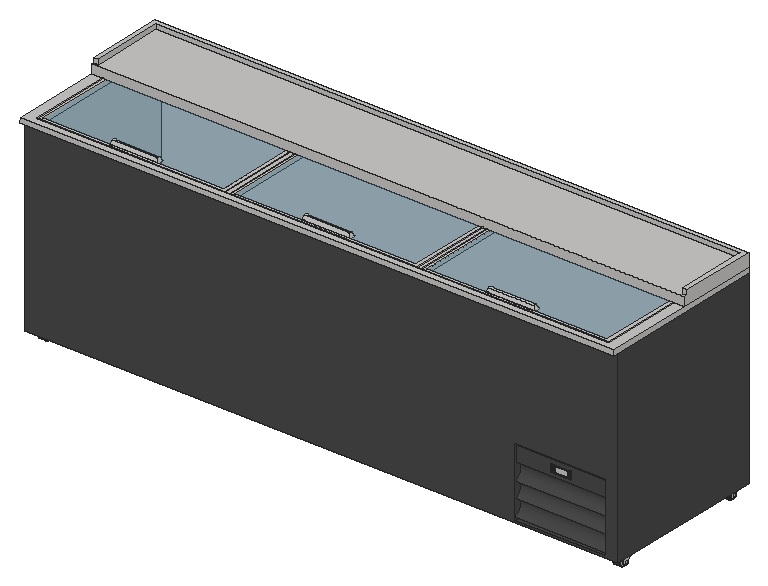
Revit family "QF_Kelvinator_738293_KCHBC95", category Specialty Equipment, Revit 2021
Family settings
  Round Connector Dimension = Use Diameter
  Part Type = Normal
  Work Plane-Based = No
  Always vertical = Yes
  Cut with Voids When Loaded = No
  Shared = No
  Room Calculation Point = No
Parameters
  Weight in Pounds = 317.466
  Weight = 148.00 lbm
  Watts = 0 W
  Volts = 115 V
  URL Manufacturer = "KELVINATOR"
  URL Cutsheet = ""
  URL = "KELVINATOR"
  Specification by User = ""
  Specification by Manufacturer = ""
  Serial Number = ""
  Seismic Rating = ""
  SMACNA No = ""
  Revision Code = ""
  Refrigerant Type = "R600a"
  Phase = 1
  Number of Poles = 1
  NAFEM Spec ID Number = ""
  Model = "KCHBC95"
  Min Ckt Ampacity = 0 A
  Max Overcurrent Protection = 0 A
  Masterspec = ""
  Manufacturer = "Kelvinator"
  Length Actual = 2421"
  Length = 95 1/4"
  Item Number = "738293"
  Installed By = ""
  Identify Quantity as Lot = yes
  Height Actual = 888"
  Height = 34 15/16"
  HP = "0.4 HP"
  Gas KW = 0
  Furnished By = ""
  Foodservice Equipment Identifier = yes
  FL Amps = 3 A
  Electrical Remarks = ""
  Electric Connection Type = ""
  Elec Conn RI Height = 0"
  Elec Conn Connection Height = 0"
  Description = "SLIDE TOP BOTTLE COOLER 95\" LONG"
  Depth Actual = 725"
  Depth = 27"
  Default Elevation = 0"
  Cycle = 60 Hz
  Conn Plug = "5-15P"
  Conn Conduit = yes
  CSI MasterFormat = ""
  Apparent Power = 0 VA
  Accessory = no
Reference planes (in)
  plane 1 "BACK": y = 0
  plane 2: z = 0
  plane 3 "LEFT": x = 0
  plane 4 "RIGHT": x = 95.25
  plane 5 "FRONT": y = -27
  plane 6 "TOP": z = 34.9375
  plane 7 "Center Y": x = 47.625
  plane 8 "Center X": y = -13.5
Dimensions and locks (in)
  equal spacing: plane 3 "LEFT", plane 7 "Center Y", plane 4 "RIGHT"
  "Length": plane 3 "LEFT" to plane 4 "RIGHT"
  equal spacing: plane 5 "FRONT", plane 8 "Center X", plane 1 "BACK"
  "Depth": plane 5 "FRONT" to plane 1 "BACK"
  "Height": plane 6 "TOP" to level
  aligned and locked: level to plane 2
Nested families (in)
  nested 1: "Family1" at (0, 0, 0), type "Family1"
Connectors (in)
  electrical at (63.09375, -1.3772776, 1.253312), driven by "Volts", driven by "Watts"
    settings: on nested 1, index 1, voltage 115 V, apparent load 0 VA, apparent load phase1 0 VA, apparent load phase2 0 VA, apparent load phase3 0 VA, power factor 1, load classification "Power", number of poles 1, system type 30, power factor state 1, is connector primary yes, connector utility no, sub classification motor no, connector description "Electrical Connection"
Definition of nested family "Family1"
  Parameters (values of type "Family1")
    Weight in Pounds = 0
    URL Cutsheet = ""
    Specification by User = ""
    Specification by Manufacturer = ""
    Serial Number = ""
    Seismic Rating = ""
    SMACNA No = ""
    Revision Code = ""
    NAFEM Spec ID Number = ""
    Masterspec = ""
    Length = 95 1/4"
    Item Number = ""
    Installed By = ""
    Identify Quantity as Lot = yes
    Height = 34 15/16"
    Furnished By = ""
    Foodservice Equipment Identifier = yes
    Depth = 28 9/16"
    Default Elevation = 0"
    CSI MasterFormat = ""
  Reference planes (in)
    plane 1 "BACK": y = 0
    plane 2: z = 0
    plane 3 "LEFT": x = 0
    plane 4 "RIGHT": x = 95.25
    plane 5 "FRONT": y = -28.5625
    plane 6 "TOP": z = 34.9375
    plane 7 "Center Y": x = 47.625
    plane 8 "Center X": y = -14.28125
    plane 9: y = -26.1
    plane 10: y = -27
    plane 11: y = -12.7
    plane 12: z = 1.7375
    plane 13: x = 78.6
    plane 14: z = 13.2
    plane 15: z = 32
    plane 16: x = 2.0125
    plane 17: x = 31.95
    plane 18: y = -14.6734706
    plane 19: x = 93.2
    plane 20: x = 32.325
    plane 21: x = 93.7125
    plane 22: x = 1.5
    plane 23: y = -24.25
    plane 24: x = 94.5
    plane 25: x = 2.5125
    plane 26: x = 1.7875
    plane 27: x = 1.7475
    plane 28: x = 31.8475
    plane 29: x = 47.593125
    plane 30: y = -4.3239467
  Forms (in)
    Extrusion 1, solid
      sketch origin (0, 0, 0) x (0, 1, 0) y (0, 0, 1)
        loop
          line (-26.1, 32) -> (-26.1, 1.7375) -> (0, 1.7375) -> (0, 32) -> (-26.1, 32)
      from 0 to 95.25
    Extrusion 2, solid
      sketch origin (0, 0, 0) x (0, 1, 0) y (0, 0, 1)
        loop
          line (-27, 32) -> (0, 32) -> (0, 32.75) -> (-27, 32.75) -> (-27, 32)
      from 0 to 95.25
    Extrusion 3, solid
      sketch origin (0, 0, 0) x (0, 1, 0) y (0, 0, 1)
        loop
          line (-12.7, 32.75) -> (0, 32.75) -> (0, 34.1875) -> (-12.7, 34.1875) -> (-12.7, 32.75)
      from 0 to 95.25
    Extrusion 4, solid
      sketch origin (0, 0.415591, 34.1875) x (0, -1, 0) y (1, 0, 0)
        loop
          line (0.415591, 95.25) -> (0.415591, 0) -> (12.7, 0) -> (12.7, 0.75) -> (1.1119311, 0.75) -> (1.1119311, 94.5) -> (12.7, 94.5) -> (12.7, 95.25) -> (0.415591, 95.25)
      from 0 to 0.75
    Extrusion 5, void
      sketch origin (0, 0.25, 32.75) x (1, 0, 0) y (0, -1, 0)
        loop
          line (1.7475, 1.21875) -> (93.4625, 1.21875) -> (93.4625, 26.0859706) -> (1.7475, 26.0859706) -> (1.7475, 1.21875)
      from 0 to 18.6825758
    Extrusion 6, solid
      sketch origin (0, -28.5625, 32) x (1, 0, 0) y (0, -1, 0)
        loop
          line (2.35625, -18.2618728) -> (31.3475, -18.2618728) -> (31.3475, -3.2265294) -> (2.35625, -3.2265294) -> (2.35625, -18.2618728)
      from 0 to -0.575419
    Extrusion 7, solid
      sketch origin (16.7973374, -180, 32.575419) x (0, 0, -1) y (0, -1, 0)
        loop
          arc (0, -154.8113235) -> (-0.0214194, -154.7729055) -> (-0.0653605, -154.7709284) r 0.045163
          line (-0.0653605, -154.7709284) -> (-0.6603132, -155.0684048)
          arc (-0.6603132, -155.0684048) -> (-0.7580396, -155.2265294) -> (-0.6603132, -155.3846541) r 0.1767888
          line (-0.6603132, -155.3846541) -> (-0.0678487, -155.6808864)
          arc (-0.0678487, -155.6808864) -> (-0.0222348, -155.678834) -> (0, -155.6389536) r 0.0468823
          line (0, -155.6389536) -> (0, -154.8113235)
      from -4 to 4
    Extrusion 8, void
      sketch origin (16.7973374, -180, 32.575419) x (0, 0, 1) y (0, -1, 0)
        loop
          line (0.5938363, -155.4178925) -> (0.5938363, -155.1678925) -> (0.174581, -154.9899292) -> (0.174581, -155.6275202) -> (0.5938363, -155.4178925)
      from -3.5 to 3.5
    Extrusion 9, void
      sketch origin (-3.5029171, -25.3359706, 32) x (1, 0, 0) y (0, 0, 1)
        loop
          line (16.3656404, 0.4552359) -> (16.6562015, 1.2535459)
          arc (16.6562015, 1.2535459) -> (16.6986352, 1.3177887) -> (16.7655372, 1.3558921) r 0.1655584
          line (16.7655372, 1.3558921) -> (16.7655372, 1.4651808) -> (16.2377544, 1.4651808) -> (16.2377544, 0.4552359) -> (16.3656404, 0.4552359)
        loop
          line (24.2348685, 0.4552359) -> (24.3627544, 0.4552359) -> (24.3627544, 1.4651808) -> (23.8349716, 1.4651808) -> (23.8349716, 1.3558921)
          arc (23.8349716, 1.3558921) -> (23.9018736, 1.3177887) -> (23.9443074, 1.2535459) r 0.1655584
          line (23.9443074, 1.2535459) -> (24.2348685, 0.4552359)
      from -0.0455259 to -1.0807178
    Extrusion 10, void
      sketch origin (93.2, -25.7734706, 48) x (0, -1, 0) y (0, 0, -1)
        loop
          line (0.8265294, 37.9264875) -> (0.8265294, 40.5945508) -> (0.3265294, 40.5945508) -> (0.3265294, 40.3445508)
          arc (0.3265294, 40.3445508) -> (-0.7104343, 39.355389) -> (-0.6010014, 37.9264875) r 1.6726377
          line (-0.6010014, 37.9264875) -> (0.8265294, 37.9264875)
      from 0 to -14.6
    Extrusion 11, void
      sketch origin (93.2, -25.7734706, 48) x (0, -1, 0) y (0, 0, -1)
        loop
          line (0.8265294, 40.4889875) -> (0.8265294, 43.1570508) -> (0.3265294, 43.1570508) -> (0.3265294, 42.9070508)
          arc (0.3265294, 42.9070508) -> (-0.7104343, 41.917889) -> (-0.6010014, 40.4889875) r 1.6726377
          line (-0.6010014, 40.4889875) -> (0.8265294, 40.4889875)
      from 0 to -14.6
    Extrusion 12, void
      sketch origin (93.2, -25.7734706, 48) x (0, -1, 0) y (0, 0, -1)
        loop
          line (0.8265294, 43.0514875) -> (0.8265294, 45.7195508) -> (0.3265294, 45.7195508) -> (0.3265294, 45.4695508)
          arc (0.3265294, 45.4695508) -> (-0.7104343, 44.480389) -> (-0.6010014, 43.0514875) r 1.6726377
          line (-0.6010014, 43.0514875) -> (0.8265294, 43.0514875)
      from 0 to -14.6
    Extrusion 13, void
      sketch origin (93.2, -25.7734706, 48) x (0, -1, 0) y (0, 0, -1)
        loop
          line (0.3265294, 37.7166703) -> (0.0765294, 37.7166703) -> (0.0765294, 35.25) -> (0.3265294, 35.25) -> (0.3265294, 37.7166703)
      from 0 to -14.6
    Extrusion 14, void
      sketch origin (93.2, -25.7734706, 48) x (0, -1, 0) y (0, 0, -1)
        loop
          line (0.3265294, 35.25) -> (-0.9234706, 35.25) -> (-0.9234706, 37.7166703) -> (0.3265294, 37.7166703) -> (0.3265294, 38.175) -> (-0.9234706, 38.175) -> (-0.9234706, 40.2820508) -> (0.3265294, 40.2820508) -> (0.3265294, 40.7375) -> (-0.9234706, 40.7375) -> (-0.9234706, 42.8445508) -> (0.3265294, 42.8445508) -> (0.3265294, 43.3) -> (-0.9234706, 43.3) -> (-0.9234706, 45.4695508) -> (0.3265294, 45.4695508) -> (0.3265294, 45.9629862) -> (-1.1734706, 45.9629862) -> (-1.1734706, 34.8) -> (0.3265294, 34.8) -> (0.3265294, 35.25)
      from 0 to -14.6
    Extrusion 15, solid
      sketch origin (16.2873717, -25.85, 2.4091319) x (-1, 0, 0) y (0, 0, 1)
        loop
          line (-68.0378252, 9.7077236) -> (-71.1874315, 9.7077236) -> (-71.1874315, 8.5266213) -> (-68.0378252, 8.5266213) -> (-68.0378252, 9.7077236)
        loop
          line (-68.1165653, 9.6310736) -> (-68.5102661, 9.6310736) -> (-68.5102661, 9.3119328) -> (-68.1165653, 9.3119328) -> (-68.1165653, 9.6310736)
        loop
          line (-68.1165653, 9.2767428) -> (-68.5102661, 9.2767428) -> (-68.5102661, 8.957602) -> (-68.1165653, 8.957602) -> (-68.1165653, 9.2767428)
        loop
          line (-68.1165653, 8.9224121) -> (-68.5102661, 8.9224121) -> (-68.5102661, 8.6032713) -> (-68.1165653, 8.6032713) -> (-68.1165653, 8.9224121)
        loop
          line (-71.1086913, 9.6310736) -> (-71.1086913, 9.3119328) -> (-70.7149906, 9.3119328) -> (-70.7149906, 9.6310736) -> (-71.1086913, 9.6310736)
        loop
          line (-71.1086913, 9.2767428) -> (-71.1086913, 8.957602) -> (-70.7149906, 8.957602) -> (-70.7149906, 9.2767428) -> (-71.1086913, 9.2767428)
        loop
          line (-71.1086913, 8.9224121) -> (-71.1086913, 8.6032713) -> (-70.7149906, 8.6032713) -> (-70.7149906, 8.9224121) -> (-71.1086913, 8.9224121)
        loop
          line (-68.5877506, 9.6310736) -> (-70.637506, 9.6310736) -> (-70.637506, 8.6071621) -> (-68.5877506, 8.6071621) -> (-68.5877506, 9.6310736)
      from 0.0787402 to -0.0460214
    Extrusion 16, solid
      sketch origin (16.2873717, -25.8960214, 2.4091319) x (1, 0, 0) y (0, 0, 1)
        loop
          line (70.7149906, 9.6310736) -> (70.7149906, 9.3119328) -> (71.1086913, 9.3119328) -> (71.1086913, 9.6310736) -> (70.7149906, 9.6310736)
        loop
          line (70.7149906, 9.2767428) -> (70.7149906, 8.957602) -> (71.1086913, 8.957602) -> (71.1086913, 9.2767428) -> (70.7149906, 9.2767428)
        loop
          line (70.7149906, 8.9224121) -> (70.7149906, 8.6032713) -> (71.1086913, 8.6032713) -> (71.1086913, 8.9224121) -> (70.7149906, 8.9224121)
        loop
          line (68.5102661, 9.6310736) -> (68.1165653, 9.6310736) -> (68.1165653, 9.3119328) -> (68.5102661, 9.3119328) -> (68.5102661, 9.6310736)
        loop
          line (68.5102661, 9.2767428) -> (68.1165653, 9.2767428) -> (68.1165653, 8.957602) -> (68.5102661, 8.957602) -> (68.5102661, 9.2767428)
        loop
          line (68.5102661, 8.9224121) -> (68.1165653, 8.9224121) -> (68.1165653, 8.6032713) -> (68.5102661, 8.6032713) -> (68.5102661, 8.9224121)
      from 0 to -0.0787402
    Extrusion 17, solid
      sketch origin (16.2873717, -25.8960214, 2.4091319) x (1, 0, 0) y (0, 0, 1)
        loop
          line (68.5877506, 9.6310736) -> (68.5877506, 8.6071621) -> (70.637506, 8.6071621) -> (70.637506, 9.6310736) -> (68.5877506, 9.6310736)
      from 0 to -0.0787402
    Extrusion 18, void
      sketch origin (16.2873717, -25.85, 2.4091319) x (-1, 0, 0) y (0, 0, 1)
        loop
          line (-68.0378252, 9.7077236) -> (-71.1874315, 9.7077236) -> (-71.1874315, 8.5266213) -> (-68.0378252, 8.5266213) -> (-68.0378252, 9.7077236)
      from 0 to 0.0787402
    Extrusion 19, solid
      sketch origin (-7.45625, 0, 1.7375) x (-1, 0, 0) y (0, 1, 0)
        loop
          circle (-70.55, -1.3772776) r 0.25
      from 0 to 0.484188
    Extrusion 20, solid
      sketch origin (14.9125, -28.5625, 32) x (1, 0, 0) y (0, -1, 0)
        loop
          line (-13.165, -18.2618728) -> (-12.55625, -18.2618728) -> (-12.55625, -3.2265294) -> (16.435, -3.2265294) -> (16.435, -18.2618728) -> (16.935, -18.2618728) -> (16.935, -2.7265294) -> (-13.165, -2.7265294) -> (-13.165, -18.2618728)
      from 0 to -0.75
    Extrusion 21, solid
      sketch origin (80.3475, -28.5625, 32) x (1, 0, 0) y (0, -1, 0)
        loop
          line (13.115, -18.2618728) -> (13.115, -2.7265294) -> (-16.985, -2.7265294) -> (-16.985, -18.2618728) -> (-16.485, -18.2618728) -> (-16.485, -3.2265294) -> (12.50625, -3.2265294) -> (12.50625, -18.2618728) -> (13.115, -18.2618728)
      from 0 to -0.75
    Extrusion 22, solid
      sketch origin (95.26, -28.5625, 32) x (1, 0, 0) y (0, -1, 0)
        loop
          line (-2.40625, -18.2618728) -> (-2.40625, -3.2265294) -> (-31.3975, -3.2265294) -> (-31.3975, -18.2618728) -> (-2.40625, -18.2618728)
      from 0 to -0.575419
    Extrusion 23, solid
      sketch origin (77.22875, -180, 32.575419) x (0, 0, -1) y (0, 1, 0)
        loop
          line (0, 154.8113235) -> (0, 155.6389536)
          arc (0, 155.6389536) -> (-0.0222348, 155.678834) -> (-0.0678487, 155.6808864) r 0.0468823
          line (-0.0678487, 155.6808864) -> (-0.6603132, 155.3846541)
          arc (-0.6603132, 155.3846541) -> (-0.7580396, 155.2265294) -> (-0.6603132, 155.0684048) r 0.1767888
          line (-0.6603132, 155.0684048) -> (-0.0653605, 154.7709284)
          arc (-0.0653605, 154.7709284) -> (-0.0214194, 154.7729055) -> (0, 154.8113235) r 0.045163
      from -4 to 4
    Extrusion 24, void
      sketch origin (75.9948374, -180, 32.575419) x (0, 0, 1) y (0, 1, 0)
        loop
          line (0.5938363, 155.4178925) -> (0.174581, 155.6275202) -> (0.174581, 154.9899292) -> (0.5938363, 155.1678925) -> (0.5938363, 155.4178925)
      from -4.7739126 to 2.2299937
    Extrusion 25, void
      sketch origin (97.5685293, -25.3359706, 32) x (-1, 0, 0) y (0, 0, -1)
        loop
          line (16.4156404, -0.4552359) -> (16.2877544, -0.4552359) -> (16.2877544, -1.4651808) -> (16.8155372, -1.4651808) -> (16.8155372, -1.3558921)
          arc (16.8155372, -1.3558921) -> (16.7486352, -1.3177887) -> (16.7062015, -1.2535459) r 0.1655584
          line (16.7062015, -1.2535459) -> (16.4156404, -0.4552359)
        loop
          line (24.2848685, -0.4552359) -> (23.9943074, -1.2535459)
          arc (23.9943074, -1.2535459) -> (23.9518736, -1.3177887) -> (23.8849716, -1.3558921) r 0.1655584
          line (23.8849716, -1.3558921) -> (23.8849716, -1.4651808) -> (24.4127544, -1.4651808) -> (24.4127544, -0.4552359) -> (24.2848685, -0.4552359)
      from -0.0455259 to -1.0807178
    Extrusion 26, solid
      sketch origin (49.589375, -28.5625, 32) x (1, 0, 0) y (0, -1, 0)
        loop
          line (13.165, -18.2618728) -> (13.165, -2.7265294) -> (-16.935, -2.7265294) -> (-16.935, -18.2618728) -> (-16.435, -18.2618728) -> (-16.435, -3.2265294) -> (12.55625, -3.2265294) -> (12.55625, -18.2618728) -> (13.165, -18.2618728)
      from 0 to -0.75
    Extrusion 27, solid
      sketch origin (64.501875, -28.5625, 32) x (1, 0, 0) y (0, -1, 0)
        loop
          line (-2.35625, -18.2618728) -> (-2.35625, -3.2265294) -> (-31.3475, -3.2265294) -> (-31.3475, -18.2618728) -> (-2.35625, -18.2618728)
      from 0 to -0.575419
    Extrusion 28, solid
      sketch origin (47.65, -180, 32.575419) x (0, 0, -1) y (0, 1, 0)
        loop
          line (0, 154.8113235) -> (0, 155.6389536)
          arc (0, 155.6389536) -> (-0.0222348, 155.678834) -> (-0.0678487, 155.6808864) r 0.0468823
          line (-0.0678487, 155.6808864) -> (-0.6603132, 155.3846541)
          arc (-0.6603132, 155.3846541) -> (-0.7580396, 155.2265294) -> (-0.6603132, 155.0684048) r 0.1767888
          line (-0.6603132, 155.0684048) -> (-0.0653605, 154.7709284)
          arc (-0.0653605, 154.7709284) -> (-0.0214194, 154.7729055) -> (0, 154.8113235) r 0.045163
      from -4 to 4
    Extrusion 29, void
      sketch origin (47.61, -180, 32.575419) x (0, 0, 1) y (0, 1, 0)
        loop
          line (0.5938363, 155.4178925) -> (0.174581, 155.6275202) -> (0.174581, 154.9899292) -> (0.5938363, 155.1678925) -> (0.5938363, 155.4178925)
      from -3.5 to 3.5
    Extrusion 30, void
      sketch origin (67.9102544, -25.3359706, 32) x (-1, 0, 0) y (0, 0, -1)
        loop
          line (16.3906404, -0.4552359) -> (16.2627544, -0.4552359) -> (16.2627544, -1.4651808) -> (16.7905372, -1.4651808) -> (16.7905372, -1.3558921)
          arc (16.7905372, -1.3558921) -> (16.7236352, -1.3177887) -> (16.6812015, -1.2535459) r 0.1655584
          line (16.6812015, -1.2535459) -> (16.3906404, -0.4552359)
        loop
          line (24.2348685, -0.4552359) -> (23.9443074, -1.2535459)
          arc (23.9443074, -1.2535459) -> (23.9018736, -1.3177887) -> (23.8349716, -1.3558921) r 0.1655584
          line (23.8349716, -1.3558921) -> (23.8349716, -1.4651808) -> (24.3627544, -1.4651808) -> (24.3627544, -0.4552359) -> (24.2348685, -0.4552359)
      from -0.0455259 to -1.0807178
    Extrusion 31, solid
      sketch origin (1.7475, -25.8359706, 32.75) x (1, 0, 0) y (0, 0, -1)
        loop
          line (30.906875, 0) -> (30.906875, 0.75) -> (30.1, 0.75) -> (30.1, 0) -> (30.906875, 0)
        loop
          line (61.006875, 0) -> (61.665, 0) -> (61.665, 0.75) -> (61.006875, 0.75) -> (61.006875, 0)
      from 0 to 13.1359706
  Cuts and joins
    Extrusion 9 cuts Extrusion 3
    Extrusion 9 cuts Extrusion 4
    joined: Extrusion 3, Extrusion 4
    Extrusion 5, Extrusion 10, Extrusion 11, Extrusion 12, Extrusion 13, Extrusion 14 cuts Extrusion 1
    Extrusion 5, Extrusion 8, Extrusion 9 cuts Extrusion 2
    Extrusion 8, Extrusion 9, Extrusion 24, Extrusion 25 cuts Extrusion 7
    Extrusion 18 cuts Extrusion 15
    Extrusion 24, Extrusion 25, Extrusion 29, Extrusion 30 cuts Extrusion 23
    Extrusion 25 cuts Extrusion 6
    Extrusion 29, Extrusion 30 cuts Extrusion 28
    Extrusion 30 cuts Extrusion 22
  Lines and regions (in)
    Split face 1
      outline origin (14.9125, -28.5625, 32.75) x (1, 0, 0) y (0, 1, 0)
        loop
          line (16.435, 3.2265294) -> (16.935, 2.7265294)
    Split face 2
      outline origin (80.3475, -28.5625, 32.75) x (1, 0, 0) y (0, 1, 0)
        loop
          line (-16.485, 3.2265294) -> (-16.985, 2.7265294)
    Split face 3
      outline origin (49.589375, -28.5625, 32.75) x (1, 0, 0) y (0, 1, 0)
        loop
          line (-16.435, 3.2265294) -> (-16.935, 2.7265294)
    Split face 4
      outline origin (49.589375, -28.5625, 32.75) x (1, 0, 0) y (0, 1, 0)
        loop
          line (12.55625, 3.2265294) -> (13.165, 2.7265294)
    Split face 5
      outline origin (80.3475, -28.5625, 32.75) x (1, 0, 0) y (0, 1, 0)
        loop
          line (12.50625, 3.2265294) -> (13.115, 2.7265294)
    symbolic lines
      curve 1: line (0.75, -0.6963401, 0) -> (94.5, -0.6963401, 0)
      curve 2: line (95.25, 0, 0) -> (0, 0, 0)
      curve 3: line (0.75, -12.284409, 0) -> (0.75, -0.6963401, 0)
      curve 4: line (0, 0, 0) -> (0, -27, 0)
      curve 5: line (95.25, -27, 0) -> (95.25, 0, 0)
      curve 6: line (94.5, -0.6963401, 0) -> (94.5, -12.284409, 0)
      curve 7: line (94.5, -12.284409, 0) -> (95.25, -12.284409, 0)
      curve 8: line (0, -12.7, 0) -> (95.25, -12.7, 0)
      curve 9: line (0, -12.284409, 0) -> (0.75, -12.284409, 0)
      curve 10: line (0, -27, 0) -> (95.25, -27, 0)
      curve 11: line (1.7475, -25.8359706, 0) -> (31.8475, -25.8359706, 0)
      curve 12: line (1.7475, -12.7, 0) -> (1.7475, -25.8359706, 0)
      curve 13: line (2.35625, -12.7, 0) -> (2.35625, -25.3359706, 0)
      curve 14: line (31.3475, -25.3359706, 0) -> (2.35625, -25.3359706, 0)
      curve 15: line (2.35625, -25.3359706, 0) -> (1.7475, -25.8359706, 0)
      curve 16: line (13.2973374, -24.3724798, 0) -> (20.3012437, -24.3724798, 0)
      curve 17: line (20.6879624, -25.204632, 0) -> (20.6879624, -24.3446902, 0)
      curve 18: line (12.9064664, -24.3529266, 0) -> (12.9064664, -25.1963312, 0)
      curve 19: line (13.155633, -24.6270031, 0) -> (13.155633, -24.9199381, 0)
      curve 20: line (12.9317002, -24.3193789, 0) -> (13.155633, -24.6270031, 0)
      curve 21: line (13.155633, -24.9199381, 0) -> (12.9305382, -25.2291796, 0)
      curve 22: line (20.4387977, -24.9238443, 0) -> (20.4387977, -24.6230968, 0)
      curve 23: line (20.4387977, -24.6230968, 0) -> (20.663685, -24.3141604, 0)
      curve 24: line (20.6615255, -25.2290498, 0) -> (20.4387977, -24.9238443, 0)
      curve 25: spline (20.6677321, -24.3141604, 0) -> (20.6698007, -24.3138682, 0) -> (20.6718696, -24.3141454, 0) -> (20.6739164, -24.3149892, 0) -> (20.6759192, -24.3163903, 0) -> (20.6778562, -24.3183336, 0) -> (20.6797065, -24.3207982, 0) -> (20.6814503, -24.3237575, 0) -> (20.6830686, -24.3271795, 0) -> (20.684544, -24.3310274, 0) -> (20.6858606, -24.3352595, 0) -> (20.6870042, -24.3398302, 0) -> (20.6879624, -24.3446902, 0)
      curve 26: spline (20.6879624, -25.204632, 0) -> (20.6867138, -25.2105103, 0) -> (20.6851756, -25.2159145, 0) -> (20.6833744, -25.2207506, 0) -> (20.6813418, -25.2249343, 0) -> (20.6791129, -25.228393, 0) -> (20.6767266, -25.2310665, 0) -> (20.6742243, -25.2329082, 0) -> (20.6716497, -25.2338862, 0) -> (20.6690475, -25.2339834, 0) -> (20.6664629, -25.2331981, 0) -> (20.663941, -25.231544, 0) -> (20.6615255, -25.2290498, 0)
      curve 27: spline (12.9064664, -24.3529266, 0) -> (12.9073483, -24.3456788, 0) -> (12.9085811, -24.3388826, 0) -> (12.9101388, -24.3326825, 0) -> (12.9119881, -24.3272102, 0) -> (12.9140898, -24.3225818, 0) -> (12.9163992, -24.3188956, 0) -> (12.9188675, -24.3162299, 0) -> (12.921442, -24.3146414, 0) -> (12.9240681, -24.3141638, 0) -> (12.9266901, -24.3148072, 0) -> (12.9292523, -24.316558, 0) -> (12.9317002, -24.3193789, 0)
      curve 28: spline (12.9305382, -25.2291796, 0) -> (12.9281829, -25.2317736, 0) -> (12.9257243, -25.2333462, 0) -> (12.9232139, -25.2338643, 0) -> (12.9207042, -25.233317, 0) -> (12.9182477, -25.231716, 0) -> (12.915896, -25.2290946, 0) -> (12.9136983, -25.2255078, 0) -> (12.9117006, -25.2210308, 0) -> (12.9099448, -25.2157572, 0) -> (12.9084676, -25.2097976, 0) -> (12.9073, -25.2032767, 0) -> (12.9064664, -25.1963312, 0)
      curve 29: line (13.2973374, -24.5821075, 0) -> (13.2973374, -24.3724798, 0)
      curve 30: line (12.9082634, -24.3141604, 0) -> (20.663685, -24.3141604, 0)
      curve 31: line (12.9232484, -25.2338644, 0) -> (20.6717516, -25.2338644, 0)
      curve 32: line (20.3012437, -24.5821075, 0) -> (13.2973374, -24.5821075, 0)
      curve 33: line (20.3012437, -24.3724798, 0) -> (20.3012437, -24.5821075, 0)
      curve 34: line (31.8475, -25.8359706, 0) -> (31.8475, -12.7, 0)
      curve 35: line (31.3475, -12.7, 0) -> (31.3475, -25.3359706, 0)
      curve 36: line (31.3475, -25.3359706, 0) -> (31.8475, -25.8359706, 0)
      curve 37: line (80.71875, -24.3724798, 0) -> (73.7148437, -24.3724798, 0)
      curve 38: line (73.328125, -25.204632, 0) -> (73.328125, -24.3446902, 0)
      curve 39: line (81.109621, -24.3529266, 0) -> (81.109621, -25.1963312, 0)
      curve 40: line (80.8604544, -24.6270031, 0) -> (80.8604544, -24.9199381, 0)
      curve 41: line (81.0843871, -24.3193789, 0) -> (80.8604544, -24.6270031, 0)
      curve 42: line (80.8604544, -24.9199381, 0) -> (81.0855492, -25.2291796, 0)
      curve 43: line (73.5772896, -24.9238443, 0) -> (73.5772896, -24.6230968, 0)
      curve 44: line (73.5772896, -24.6230968, 0) -> (73.3524023, -24.3141604, 0)
      curve 45: line (73.3545618, -25.2290498, 0) -> (73.5772896, -24.9238443, 0)
      curve 46: spline (73.3483553, -24.3141604, 0) -> (73.3462867, -24.3138682, 0) -> (73.3442178, -24.3141454, 0) -> (73.3421709, -24.3149892, 0) -> (73.3401682, -24.3163903, 0) -> (73.3382312, -24.3183336, 0) -> (73.3363808, -24.3207982, 0) -> (73.3346371, -24.3237575, 0) -> (73.3330188, -24.3271795, 0) -> (73.3315433, -24.3310274, 0) -> (73.3302267, -24.3352595, 0) -> (73.3290832, -24.3398302, 0) -> (73.328125, -24.3446902, 0)
      curve 47: spline (73.328125, -25.204632, 0) -> (73.3293736, -25.2105103, 0) -> (73.3309118, -25.2159145, 0) -> (73.3327129, -25.2207506, 0) -> (73.3347456, -25.2249343, 0) -> (73.3369745, -25.228393, 0) -> (73.3393608, -25.2310665, 0) -> (73.341863, -25.2329082, 0) -> (73.3444377, -25.2338862, 0) -> (73.3470399, -25.2339834, 0) -> (73.3496245, -25.2331981, 0) -> (73.3521464, -25.231544, 0) -> (73.3545618, -25.2290498, 0)
      curve 48: spline (81.109621, -24.3529266, 0) -> (81.1087391, -24.3456788, 0) -> (81.1075062, -24.3388826, 0) -> (81.1059486, -24.3326825, 0) -> (81.1040993, -24.3272102, 0) -> (81.1019976, -24.3225818, 0) -> (81.0996881, -24.3188956, 0) -> (81.0972199, -24.3162299, 0) -> (81.0946454, -24.3146414, 0) -> (81.0920192, -24.3141638, 0) -> (81.0893972, -24.3148072, 0) -> (81.0868351, -24.316558, 0) -> (81.0843871, -24.3193789, 0)
      curve 49: spline (81.0855492, -25.2291796, 0) -> (81.0879044, -25.2317736, 0) -> (81.090363, -25.2333462, 0) -> (81.0928735, -25.2338643, 0) -> (81.0953832, -25.233317, 0) -> (81.0978396, -25.231716, 0) -> (81.1001913, -25.2290946, 0) -> (81.102389, -25.2255078, 0) -> (81.1043867, -25.2210308, 0) -> (81.1061426, -25.2157572, 0) -> (81.1076198, -25.2097976, 0) -> (81.1087874, -25.2032767, 0) -> (81.109621, -25.1963312, 0)
      curve 50: line (80.71875, -24.5821075, 0) -> (80.71875, -24.3724798, 0)
      curve 51: line (81.107824, -24.3141604, 0) -> (73.3524023, -24.3141604, 0)
      curve 52: line (81.092839, -25.2338644, 0) -> (73.3443357, -25.2338644, 0)
      curve 53: line (73.7148437, -24.5821075, 0) -> (80.71875, -24.5821075, 0)
      curve 54: line (73.7148437, -24.3724798, 0) -> (73.7148437, -24.5821075, 0)
      curve 55: line (32.654375, -25.8359706, 0) -> (62.729375, -25.8359706, 0)
      curve 56: line (32.654375, -12.7, 0) -> (32.654375, -25.8359706, 0)
      curve 57: line (33.154375, -12.7, 0) -> (33.154375, -25.3359706, 0)
      curve 58: line (62.120625, -25.3359706, 0) -> (33.154375, -25.3359706, 0)
      curve 59: line (33.154375, -25.3359706, 0) -> (32.654375, -25.8359706, 0)
      curve 60: line (62.729375, -25.8359706, 0) -> (62.729375, -12.7, 0)
      curve 61: line (62.120625, -12.7, 0) -> (62.120625, -25.3359706, 0)
      curve 62: line (62.120625, -25.3359706, 0) -> (62.729375, -25.8359706, 0)
      curve 63: line (63.3875, -25.8359706, 0) -> (93.4625, -25.8359706, 0)
      curve 64: line (63.3875, -12.7, 0) -> (63.3875, -25.8359706, 0)
      curve 65: line (63.8875, -12.7, 0) -> (63.8875, -25.3359706, 0)
      curve 66: line (92.85375, -25.3359706, 0) -> (63.8875, -25.3359706, 0)
      curve 67: line (63.8875, -25.3359706, 0) -> (63.3875, -25.8359706, 0)
      curve 68: line (93.4625, -25.8359706, 0) -> (93.4625, -12.7, 0)
      curve 69: line (92.85375, -12.7, 0) -> (92.85375, -25.3359706, 0)
      curve 70: line (92.85375, -25.3359706, 0) -> (93.4625, -25.8359706, 0)
      curve 71: line (51.0859375, -24.3724798, 0) -> (44.11, -24.3724798, 0)
      curve 72: line (43.7125, -25.204632, 0) -> (43.7125, -24.3446902, 0)
      curve 73: line (51.4768085, -24.3529266, 0) -> (51.4768085, -25.1963312, 0)
      curve 74: line (51.2276419, -24.6270031, 0) -> (51.2276419, -24.9199381, 0)
      curve 75: line (51.4515746, -24.3193789, 0) -> (51.2276419, -24.6270031, 0)
      curve 76: line (51.2276419, -24.9199381, 0) -> (51.4527367, -25.2291796, 0)
      curve 77: line (43.9616646, -24.9238443, 0) -> (43.9616646, -24.6230968, 0)
      curve 78: line (43.9616646, -24.6230968, 0) -> (43.7367773, -24.3141604, 0)
      curve 79: line (43.7389368, -25.2290498, 0) -> (43.9616646, -24.9238443, 0)
      curve 80: spline (43.7327303, -24.3141604, 0) -> (43.7306617, -24.3138682, 0) -> (43.7285928, -24.3141454, 0) -> (43.7265459, -24.3149892, 0) -> (43.7245432, -24.3163903, 0) -> (43.7226062, -24.3183336, 0) -> (43.7207558, -24.3207982, 0) -> (43.7190121, -24.3237575, 0) -> (43.7173938, -24.3271795, 0) -> (43.7159183, -24.3310274, 0) -> (43.7146017, -24.3352595, 0) -> (43.7134582, -24.3398302, 0) -> (43.7125, -24.3446902, 0)
      curve 81: spline (43.7125, -25.204632, 0) -> (43.7137486, -25.2105103, 0) -> (43.7152868, -25.2159145, 0) -> (43.7170879, -25.2207506, 0) -> (43.7191206, -25.2249343, 0) -> (43.7213495, -25.228393, 0) -> (43.7237358, -25.2310665, 0) -> (43.726238, -25.2329082, 0) -> (43.7288127, -25.2338862, 0) -> (43.7314149, -25.2339834, 0) -> (43.7339995, -25.2331981, 0) -> (43.7365214, -25.231544, 0) -> (43.7389368, -25.2290498, 0)
      curve 82: spline (51.4768085, -24.3529266, 0) -> (51.4759266, -24.3456788, 0) -> (51.4746937, -24.3388826, 0) -> (51.4731361, -24.3326825, 0) -> (51.4712868, -24.3272102, 0) -> (51.4691851, -24.3225818, 0) -> (51.4668756, -24.3188956, 0) -> (51.4644074, -24.3162299, 0) -> (51.4618329, -24.3146414, 0) -> (51.4592067, -24.3141638, 0) -> (51.4565847, -24.3148072, 0) -> (51.4540226, -24.316558, 0) -> (51.4515746, -24.3193789, 0)
      curve 83: spline (51.4527367, -25.2291796, 0) -> (51.4550919, -25.2317736, 0) -> (51.4575505, -25.2333462, 0) -> (51.460061, -25.2338643, 0) -> (51.4625707, -25.233317, 0) -> (51.4650271, -25.231716, 0) -> (51.4673788, -25.2290946, 0) -> (51.4695765, -25.2255078, 0) -> (51.4715742, -25.2210308, 0) -> (51.4733301, -25.2157572, 0) -> (51.4748073, -25.2097976, 0) -> (51.4759749, -25.2032767, 0) -> (51.4768085, -25.1963312, 0)
      curve 84: line (51.0859375, -24.5821075, 0) -> (51.0859375, -24.3724798, 0)
      curve 85: line (51.404699, -24.3141604, 0) -> (43.7367773, -24.3141604, 0)
      curve 86: line (51.4600265, -25.2338644, 0) -> (43.7287107, -25.2338644, 0)
      curve 87: line (44.11, -24.5821075, 0) -> (51.0859375, -24.5821075, 0)
      curve 88: line (44.11, -24.3724798, 0) -> (44.11, -24.5821075, 0)
  Dimensions and locks (in)
    equal spacing: plane 3 "LEFT", plane 7 "Center Y", plane 4 "RIGHT"
    "Length": plane 3 "LEFT" to plane 4 "RIGHT"
    equal spacing: plane 5 "FRONT", plane 8 "Center X", plane 1 "BACK"
    "Depth": plane 5 "FRONT" to plane 1 "BACK"
    "Height": plane 6 "TOP" to level
    plane 11 to plane 1 "BACK" = 12.7"
    plane 6 "TOP" to plane 12 = 33.2"
    cut or joined group of Extrusion 2, Extrusion 5, Extrusion 8, Extrusion 9 to plane 18 = 11.1625"
    plane 13 to plane 19 = 14.6"
    plane 14 to cut or joined group of Extrusion 1, Extrusion 5, Extrusion 10, Extrusion 11, Extrusion 12, Extrusion 13, Extrusion 14 = 11.4625"
    plane 5 "FRONT" to plane 1 "BACK" = 28 9/16"
    plane 9 to plane 1 "BACK" = 26.1"
    plane 10 to plane 1 "BACK" = 27"
    locked: plane 24 to plane 4 "RIGHT" at 0.75
    locked: plane 4 "RIGHT" to plane 21 at 1.5375
    plane 3 "LEFT" to plane 4 "RIGHT" = 95 1/4"
    locked: plane 19 to plane 13 at 14.6
    locked: plane 19 to plane 4 "RIGHT" at 2.05
    Extrusion 20 to plane 28 = 30.1"
    Extrusion 31 to Extrusion 31 = 30.1"
    Extrusion 31 to Extrusion 21 = 30.05"
    aligned and locked: level to plane 2
    aligned and locked: cut or joined group of Extrusion 1, Extrusion 5, Extrusion 10, Extrusion 11, Extrusion 12, Extrusion 13, Extrusion 14 to plane 4 "RIGHT"
    aligned and locked: cut or joined group of Extrusion 3, Extrusion 4, Extrusion 9 to plane 4 "RIGHT"  (x3)
    aligned and locked: cut or joined group of Extrusion 2, Extrusion 5, Extrusion 8, Extrusion 9 to plane 4 "RIGHT"
    aligned and locked: plane 4 "RIGHT" to cut or joined group of Extrusion 1, Extrusion 5, Extrusion 10, Extrusion 11, Extrusion 12, Extrusion 13, Extrusion 14  (x2)
    aligned and locked: plane 24 to cut or joined group of Extrusion 3, Extrusion 4, Extrusion 9
    aligned and locked: plane 21 to nested 3
    aligned and locked: cut or joined group of Extrusion 2, Extrusion 5, Extrusion 8, Extrusion 9 to Extrusion 20
    aligned and locked: Extrusion 20 to curve 12
    aligned and locked: cut or joined group of Extrusion 3, Extrusion 4, Extrusion 9 to plane 24
    aligned and locked: plane 4 "RIGHT" to cut or joined group of Extrusion 3, Extrusion 4, Extrusion 9
    aligned and locked: plane 4 "RIGHT" to cut or joined group of Extrusion 2, Extrusion 5, Extrusion 8, Extrusion 9
    aligned and locked: plane 21 to nested 1
    aligned and locked: cut or joined group of Extrusion 1, Extrusion 5, Extrusion 10, Extrusion 11, Extrusion 12, Extrusion 13, Extrusion 14 to plane 19
    aligned and locked: plane 19 to cut or joined group of Extrusion 1, Extrusion 5, Extrusion 10, Extrusion 11, Extrusion 12, Extrusion 13, Extrusion 14  (x2)
    aligned and locked: cut or joined group of Extrusion 1, Extrusion 5, Extrusion 10, Extrusion 11, Extrusion 12, Extrusion 13, Extrusion 14 to plane 13
    aligned and locked: plane 13 to cut or joined group of Extrusion 1, Extrusion 5, Extrusion 10, Extrusion 11, Extrusion 12, Extrusion 13, Extrusion 14
  Automatic sketch dimensions
    Extrusion 1 sketch curve to plane 9 = 0"
    Extrusion 1 sketch curve to plane 1 "BACK" = 0"
    Extrusion 1 sketch curve to plane 12 = 0"
    Extrusion 1 sketch curve to plane 15 = 0"
    Extrusion 3 sketch curve to plane 11 = 0"
    Extrusion 3 sketch curve to plane 1 "BACK" = 0"
    plane 15 to Extrusion 3 sketch curve = 3/4"
    Extrusion 3 sketch curve to plane 6 "TOP" = 3/4"
    Extrusion 4 sketch curve to Extrusion 3 = 0"  (x3)
    Extrusion 3 to Extrusion 4 sketch curve = 0.69634"
    Extrusion 4 sketch curve to Extrusion 3 = 0.41559"  (x2)
    Extrusion 3 to Extrusion 4 sketch curve = 3/4"  (x2)
    Extrusion 2 to Extrusion 5 sketch curve = 1.7475"
    Extrusion 2 to Extrusion 5 sketch curve = 1.7875"
    Extrusion 2 to Extrusion 5 sketch curve = 31/32"
    Extrusion 6 sketch curve to Extrusion 2 = 2.35625"
    Extrusion 6 sketch curve to Extrusion 6 sketch curve = 28.99125"
    Extrusion 6 sketch curve to Extrusion 2 = 10.30063"
    plane 15 to Extrusion 7 sketch curve = 1.23573"
    Extrusion 7 sketch curve to plane 23 = 0.36535"
    Extrusion 7 sketch curve to Extrusion 7 sketch curve = 0"
    Extrusion 7 sketch curve to Extrusion 7 sketch curve = 0.07906"
    Extrusion 7 sketch curve to plane 23 = 0.06911"
    plane 15 to Extrusion 7 sketch curve = 0.64327"
    plane 15 to Extrusion 7 sketch curve = 0.64078"
    Extrusion 7 sketch curve to Extrusion 7 sketch curve = 0.02097"
    Extrusion 7 sketch curve to Extrusion 7 sketch curve = 0.0202"
    Extrusion 7 sketch curve to Extrusion 7 sketch curve = 0.04516"
    Extrusion 7 sketch curve to Extrusion 7 sketch curve = 0.15812"
    Extrusion 7 sketch curve to Extrusion 7 sketch curve = 0.25708"
    Extrusion 8 sketch curve to plane 23 = 0.12248"
    plane 15 to Extrusion 8 sketch curve = 3/4"
    Extrusion 8 sketch curve to plane 23 = 0.58211"
    Extrusion 8 sketch curve to Extrusion 8 sketch curve = 0.41926"
    Extrusion 8 sketch curve to Extrusion 8 sketch curve = 1/4"
    Extrusion 8 sketch curve to Extrusion 8 sketch curve = 0.17796"
    plane 15 to Extrusion 9 sketch curve = 1.46518"
    Extrusion 9 sketch curve to plane 25 = 10.22234"
    Extrusion 9 sketch curve to Extrusion 9 sketch curve = 0.12789"  (x2)
    plane 15 to Extrusion 9 sketch curve = 1.25355"  (x2)
    Extrusion 9 sketch curve to Extrusion 9 sketch curve = 0.41845"
    Extrusion 9 sketch curve to Extrusion 9 sketch curve = 0.10934"  (x2)
    Extrusion 9 sketch curve to Extrusion 9 sketch curve = 0.15557"
    plane 15 to Extrusion 9 sketch curve = 1.19692"
    Extrusion 9 sketch curve to Extrusion 9 sketch curve = 6.97696"
    Extrusion 9 sketch curve to Extrusion 9 sketch curve = 0.04624"
    Extrusion 9 sketch curve to Extrusion 9 sketch curve = 0.29056"
    plane 15 to Extrusion 9 sketch curve = 0.45524"  (x2)
    Extrusion 9 sketch curve to Extrusion 9 sketch curve = 0.05662"
    Extrusion 9 sketch curve to Extrusion 9 sketch curve = 0.21163"
    Extrusion 10 sketch curve to plane 9 = 0"
    plane 23 to Extrusion 10 sketch curve = 0.92247"
    plane 10 to Extrusion 10 sketch curve = 0.4"
    plane 10 to Extrusion 10 sketch curve = 0.37528"
    Extrusion 10 sketch curve to plane 12 = 5 171/256"
    Extrusion 10 sketch curve to Extrusion 10 sketch curve = 1/4"
    Extrusion 10 sketch curve to Extrusion 10 sketch curve = 1.5882"
    Extrusion 11 sketch curve to plane 9 = 0"
    plane 23 to Extrusion 11 sketch curve = 0.92247"
    plane 10 to Extrusion 11 sketch curve = 0.4"
    plane 10 to Extrusion 11 sketch curve = 0.37528"
    Extrusion 11 sketch curve to plane 12 = 3 27/256"
    Extrusion 11 sketch curve to Extrusion 11 sketch curve = 1/4"
    Extrusion 11 sketch curve to Extrusion 11 sketch curve = 1.5882"
    Extrusion 12 sketch curve to plane 9 = 0"
    plane 23 to Extrusion 12 sketch curve = 0.92247"
    plane 10 to Extrusion 12 sketch curve = 0.4"
    plane 10 to Extrusion 12 sketch curve = 0.37528"
    Extrusion 12 sketch curve to plane 12 = 139/256"
    Extrusion 12 sketch curve to Extrusion 12 sketch curve = 1/4"
    Extrusion 12 sketch curve to Extrusion 12 sketch curve = 1.5882"
    Extrusion 13 sketch curve to plane 9 = 0"
    Extrusion 13 sketch curve to Extrusion 13 sketch curve = 1/4"
    plane 14 to Extrusion 13 sketch curve = 2.91667"
    plane 14 to Extrusion 13 sketch curve = 0.45"
    Extrusion 14 sketch curve to plane 14 = 0"
    Extrusion 14 sketch curve to plane 9 = 0"  (x5)
    plane 23 to Extrusion 14 sketch curve = 0.6"  (x2)
    Extrusion 14 sketch curve to Extrusion 14 sketch curve = 0"  (x2)
    plane 23 to Extrusion 14 sketch curve = 0.35"
    plane 14 to Extrusion 14 sketch curve = 0.45"
    Extrusion 14 sketch curve to Extrusion 14 sketch curve = 2.46667"
    Extrusion 14 sketch curve to Extrusion 14 sketch curve = 0.45833"
    Extrusion 14 sketch curve to Extrusion 14 sketch curve = 2.10705"  (x2)
    Extrusion 14 sketch curve to Extrusion 14 sketch curve = 0.45545"  (x2)
    Extrusion 14 sketch curve to plane 12 = 203/256"
    Extrusion 14 sketch curve to plane 12 = 0.29951"
    Extrusion 15 sketch curve to plane 14 = 1.08314"
    plane 19 to Extrusion 15 sketch curve = 5.7252"
    Extrusion 15 sketch curve to Extrusion 15 sketch curve = 0.07874"  (x3)
    Extrusion 15 sketch curve to Extrusion 15 sketch curve = 0"  (x8)
    Extrusion 15 sketch curve to Extrusion 15 sketch curve = 0.3937"  (x2)
    Extrusion 15 sketch curve to Extrusion 15 sketch curve = 0.07748"  (x3)
    Extrusion 15 sketch curve to Extrusion 15 sketch curve = 2.04976"
    Extrusion 15 sketch curve to Extrusion 15 sketch curve = 0.07665"  (x2)
    Extrusion 15 sketch curve to Extrusion 15 sketch curve = 0.31914"  (x6)
    Extrusion 15 sketch curve to Extrusion 15 sketch curve = 0.03519"  (x4)
    Extrusion 15 sketch curve to Extrusion 15 sketch curve = 0.31525"
    Extrusion 15 to Extrusion 16 sketch curve = 0"  (x10)
    Extrusion 16 sketch curve to Extrusion 15 = 0"  (x14)
    Extrusion 17 sketch curve to Extrusion 15 = 0"  (x3)
    Extrusion 15 to Extrusion 17 sketch curve = 0"
    Extrusion 18 sketch curve to plane 14 = 1.08314"
    plane 19 to Extrusion 18 sketch curve = 5.7252"
    Extrusion 18 sketch curve to Extrusion 18 sketch curve = 3.14961"
    Extrusion 18 sketch curve to Extrusion 18 sketch curve = 1.1811"
    Extrusion 1 to Extrusion 19 sketch curve = 1.37728"
    Extrusion 19 sketch curve to Extrusion 1 = 32 5/32"
    Extrusion 20 sketch curve to Extrusion 2 = 1.7475"
    Extrusion 20 sketch curve to Extrusion 20 sketch curve = 0.60875"
    Extrusion 20 sketch curve to Extrusion 20 sketch curve = 28.99125"
    Extrusion 20 sketch curve to Extrusion 20 sketch curve = 1/2"  (x2)
    Extrusion 20 sketch curve to Extrusion 2 = 10.30063"  (x2)
    Split face 1 sketch curve to Extrusion 20 = 0"  (x3)
    Extrusion 20 to Split face 1 sketch curve = 0"
    Extrusion 21 sketch curve to Extrusion 2 = 10.30063"  (x2)
    Extrusion 21 sketch curve to Extrusion 2 = 31.8875"
    Extrusion 21 sketch curve to Extrusion 21 sketch curve = 1/2"  (x2)
    Extrusion 21 sketch curve to Extrusion 2 = 2.39625"
    Extrusion 21 sketch curve to Extrusion 21 sketch curve = 0.60875"
    Split face 2 sketch curve to Extrusion 21 = 0"  (x4)
    Extrusion 22 sketch curve to Extrusion 2 = 10.30063"
    Extrusion 22 sketch curve to Extrusion 2 = 31.3875"
    Extrusion 22 sketch curve to Extrusion 2 = 2.39625"
    plane 15 to Extrusion 23 sketch curve = 1.23573"
    Extrusion 23 sketch curve to plane 23 = 0.36535"
    Extrusion 23 sketch curve to Extrusion 23 sketch curve = 0"
    Extrusion 23 sketch curve to Extrusion 23 sketch curve = 0.07906"
    Extrusion 23 sketch curve to plane 23 = 0.06911"
    plane 15 to Extrusion 23 sketch curve = 0.64327"
    plane 15 to Extrusion 23 sketch curve = 0.64078"
    Extrusion 23 sketch curve to Extrusion 23 sketch curve = 0.02097"
    Extrusion 23 sketch curve to Extrusion 23 sketch curve = 0.0202"
    Extrusion 23 sketch curve to Extrusion 23 sketch curve = 0.04516"
    Extrusion 23 sketch curve to Extrusion 23 sketch curve = 0.15812"
    Extrusion 23 sketch curve to Extrusion 23 sketch curve = 0.25708"
    Extrusion 24 sketch curve to plane 23 = 0.12248"
    plane 15 to Extrusion 24 sketch curve = 3/4"
    Extrusion 24 sketch curve to plane 23 = 0.58211"
    Extrusion 24 sketch curve to Extrusion 24 sketch curve = 0.41926"
    Extrusion 24 sketch curve to Extrusion 24 sketch curve = 0.17796"
    Extrusion 24 sketch curve to Extrusion 24 sketch curve = 1/4"
    plane 13 to Extrusion 25 sketch curve = 2.68077"
    Extrusion 25 sketch curve to Extrusion 25 sketch curve = 0.12789"  (x2)
    Extrusion 25 sketch curve to Extrusion 25 sketch curve = 0.41845"
    Extrusion 25 sketch curve to Extrusion 25 sketch curve = 0.10934"  (x2)
    Extrusion 25 sketch curve to Extrusion 25 sketch curve = 0.15557"
    plane 15 to Extrusion 25 sketch curve = 1.19692"
    Extrusion 25 sketch curve to plane 13 = 4.8702"
    Extrusion 25 sketch curve to Extrusion 25 sketch curve = 0.04624"
    plane 15 to Extrusion 25 sketch curve = 1.25355"
    Extrusion 25 sketch curve to Extrusion 25 sketch curve = 0.29056"
    plane 15 to Extrusion 25 sketch curve = 1.35589"
    Extrusion 25 sketch curve to Extrusion 25 sketch curve = 0.10929"
    Extrusion 25 sketch curve to Extrusion 25 sketch curve = 0.21163"
    Extrusion 25 sketch curve to Extrusion 25 sketch curve = 0.10235"
    plane 15 to Extrusion 25 sketch curve = 0.45524"  (x2)
    Extrusion 26 sketch curve to Extrusion 2 = 10.30063"  (x2)
    Extrusion 26 sketch curve to Extrusion 2 = 32.65438"
    Extrusion 26 sketch curve to Extrusion 26 sketch curve = 1/2"  (x2)
    Extrusion 26 sketch curve to Extrusion 26 sketch curve = 28.99125"
    Extrusion 26 sketch curve to Extrusion 26 sketch curve = 0.60875"
    Split face 3 sketch curve to Extrusion 26 = 0"  (x4)
    Extrusion 27 sketch curve to Extrusion 2 = 10.30063"
    Extrusion 27 sketch curve to Extrusion 2 = 33.15438"
    Extrusion 27 sketch curve to Extrusion 27 sketch curve = 28.99125"
    plane 15 to Extrusion 28 sketch curve = 1.23573"
    Extrusion 28 sketch curve to plane 23 = 0.36535"
    Extrusion 28 sketch curve to Extrusion 28 sketch curve = 0"
    Extrusion 28 sketch curve to Extrusion 28 sketch curve = 0.07906"
    Extrusion 28 sketch curve to plane 23 = 0.06911"
    plane 15 to Extrusion 28 sketch curve = 0.64327"
    plane 15 to Extrusion 28 sketch curve = 0.64078"
    Extrusion 28 sketch curve to Extrusion 28 sketch curve = 0.02097"
    Extrusion 28 sketch curve to Extrusion 28 sketch curve = 0.0202"
    Extrusion 28 sketch curve to Extrusion 28 sketch curve = 0.04516"
    Extrusion 28 sketch curve to Extrusion 28 sketch curve = 0.15812"
    Extrusion 28 sketch curve to Extrusion 28 sketch curve = 0.25708"
    Extrusion 29 sketch curve to plane 23 = 0.12248"
    plane 15 to Extrusion 29 sketch curve = 3/4"
    Extrusion 29 sketch curve to plane 23 = 0.58211"
    Extrusion 29 sketch curve to Extrusion 29 sketch curve = 0.41926"
    Extrusion 29 sketch curve to Extrusion 29 sketch curve = 0.17796"
    Extrusion 29 sketch curve to Extrusion 29 sketch curve = 1/4"
    plane 15 to Extrusion 30 sketch curve = 1.46518"
    plane 7 "Center Y" to Extrusion 30 sketch curve = 4.0225"
    Extrusion 30 sketch curve to Extrusion 30 sketch curve = 0.12789"  (x2)
    plane 15 to Extrusion 30 sketch curve = 1.25355"  (x2)
    Extrusion 30 sketch curve to Extrusion 30 sketch curve = 0.41845"
    Extrusion 30 sketch curve to Extrusion 30 sketch curve = 0.10934"  (x2)
    Extrusion 30 sketch curve to Extrusion 30 sketch curve = 0.15557"
    plane 15 to Extrusion 30 sketch curve = 1.19692"
    plane 29 to Extrusion 30 sketch curve = 3.4716"
    Extrusion 30 sketch curve to Extrusion 30 sketch curve = 0.04624"
    Extrusion 30 sketch curve to Extrusion 30 sketch curve = 0.29056"
    Extrusion 30 sketch curve to Extrusion 30 sketch curve = 0.10929"  (x2)
    plane 15 to Extrusion 30 sketch curve = 0.45524"  (x2)
    Extrusion 31 sketch curve to Extrusion 5 = 0"  (x2)
    Extrusion 5 to Extrusion 31 sketch curve = 30.1"
    Extrusion 31 sketch curve to Extrusion 31 sketch curve = 0.80688"
    Extrusion 31 sketch curve to Extrusion 31 sketch curve = 30.1"
    Extrusion 31 sketch curve to Extrusion 31 sketch curve = 0.65813"
    Extrusion 31 sketch curve to Extrusion 31 sketch curve = 3/4"  (x2)
    Split face 4 sketch curve to Extrusion 26 = 0"  (x3)
    Extrusion 26 to Split face 4 sketch curve = 0"
    Split face 5 sketch curve to Extrusion 21 = 0"  (x3)
    Extrusion 21 to Split face 5 sketch curve = 0"
    curve 9 to plane 3 "LEFT" = 0"
    plane 11 to curve 13 = 0"
    curve 34 to plane 28 = 0"
    curve 1 to plane 24 = 0"
    curve 5 to plane 4 "RIGHT" = 0"
    curve 10 to plane 5 "FRONT" = 1 9/16"
    plane 1 "BACK" to curve 2 = 0"
    plane 3 "LEFT" to curve 3 = 3/4"
    plane 25 to curve 15 = 5/32"
    curve 18 to plane 9 = 0.90367"
    curve 18 to plane 25 = 10.39397"
    curve 21 to plane 9 = 0.87082"
    curve 28 to curve 21 = 0.02407"
    curve 20 to plane 23 = 0.06938"
    curve 27 to curve 20 = 0.02523"
    curve 21 to plane 23 = 0.66994"
    curve 18 to curve 21 = 0.24917"
    curve 19 to curve 32 = 0.1417"
    curve 33 to plane 23 = 0.33211"
    curve 29 to curve 33 = 7 1/256"
    curve 23 to plane 23 = 0.3731"
    curve 32 to curve 23 = 0.13755"
    curve 24 to plane 9 = 0.87095"
    curve 22 to curve 24 = 0.22273"
    curve 23 to plane 23 = 0.06416"
    curve 16 to curve 23 = 0.36244"
    curve 23 to curve 17 = 0.02428"
    curve 35 to plane 28 = 1/2"
    curve 56 to plane 20 = 0.32937"
    curve 55 to curve 59 = 1/2"
    curve 72 to plane 23 = 0.09469"
    plane 29 to curve 72 = 3.88062"
    curve 78 to plane 23 = 0.06416"
    curve 72 to curve 78 = 0.02428"
    curve 79 to plane 9 = 0.87095"
    curve 81 to curve 79 = 0.02644"
    curve 72 to curve 77 = 0.24916"
    curve 71 to plane 23 = 0.12248"
    curve 77 to curve 71 = 0.14834"
    curve 87 to plane 23 = 0.33211"
    plane 7 "Center Y" to curve 87 = 3 59/128"
    curve 76 to plane 23 = 0.66994"
    curve 84 to curve 76 = 0.1417"
    curve 75 to plane 23 = 0.06938"
    curve 71 to curve 75 = 0.36564"
    curve 76 to plane 9 = 0.87082"
    curve 74 to curve 76 = 0.22509"
    curve 83 to curve 73 = 0.02407"
    curve 58 to plane 9 = 0.76403"
    curve 83 to curve 58 = 10.64382"
    curve 62 to plane 9 = 0.26403"
    curve 58 to curve 62 = 0.60875"
    curve 64 to plane 9 = 0.26403"
    curve 55 to curve 64 = 0.65813"
    curve 63 to curve 66 = 1/2"
    curve 38 to plane 23 = 0.09469"
    curve 38 to plane 13 = 5.27188"
    curve 46 to curve 51 = 0.02428"
    curve 45 to plane 9 = 0.87095"
    curve 38 to curve 45 = 0.02644"
    curve 45 to plane 23 = 0.67384"
    curve 47 to curve 45 = 0.24916"
    curve 43 to curve 54 = 0.13755"
    curve 50 to plane 23 = 0.12248"
    plane 13 to curve 50 = 2.11875"
    curve 42 to plane 23 = 0.66994"
    curve 50 to curve 42 = 0.1417"
    curve 41 to plane 23 = 0.06938"
    curve 37 to curve 41 = 0.36564"
    curve 42 to plane 9 = 0.87082"
    curve 40 to curve 42 = 0.22509"
    curve 42 to curve 39 = 0.02407"
    plane 19 to curve 70 = 0.34625"
    curve 70 to plane 21 = 1/4"
    curve 15 to plane 9 = 0.26403"
    curve 13 to plane 9 = 0.76403"
    curve 63 to curve 65 = 1/2"
    curve 47 to curve 38 = 0.02442"
    curve 79 to curve 72 = 0.02442"
    curve 24 to curve 17 = 0.02442"
    curve 83 to curve 73 = 0.03285"
    curve 42 to curve 39 = 0.03285"
    curve 24 to curve 22 = 0.30075"
    curve 79 to curve 87 = 0.34174"
    curve 40 to curve 37 = 0.25452"
    curve 19 to curve 29 = 0.0449"
    curve 74 to curve 84 = 0.0449"
    curve 77 to curve 87 = 0.04099"
    curve 44 to curve 37 = 0.25062"
    curve 40 to curve 53 = 0.0449"
    curve 33 to plane 23 = 0.12248"
    curve 39 to curve 48 = 0.03355"
    curve 73 to curve 82 = 0.03355"
    curve 18 to curve 30 = 0.03877"
    curve 17 to curve 23 = 0.03053"
    curve 46 to curve 44 = 0.03053"
    curve 9 to plane 11 = 0.41559"
    curve 7 to plane 11 = 0.41559"
    plane 1 "BACK" to curve 1 = 0.69634"
    curve 30 to curve 20 = 3/128"
    curve 18 to curve 28 = 0.01678"
    curve 31 to curve 28 = 0"
    curve 27 to curve 27 = 0.01741"
    curve 23 to curve 25 = 0.00405"
    curve 25 to curve 25 = 0.0021"
    curve 26 to curve 26 = 0.00854"
    curve 26 to curve 31 = 0.00169"
    curve 86 to curve 81 = 0.01023"
    curve 72 to curve 81 = 0.0179"
    curve 72 to curve 80 = 0.01813"
    curve 80 to curve 80 = 0.0021"
    curve 85 to curve 82 = 3/64"
    curve 75 to curve 82 = 1/128"
    curve 83 to curve 83 = 0.01678"
    curve 86 to curve 83 = 0"
    curve 52 to curve 47 = 0.01023"
    curve 47 to curve 47 = 0.0179"
    curve 46 to curve 46 = 0.01813"
    curve 46 to curve 46 = 0.0021"
    curve 41 to curve 48 = 1/128"
    curve 42 to curve 52 = 0.00729"
    curve 49 to curve 49 = 0.01678"
    curve 48 to curve 51 = 1/64"
    curve 26 to curve 26 = 0.005"
    curve 81 to curve 81 = 0.005"
    curve 47 to curve 47 = 0.005"
    curve 82 to curve 82 = 0.01402"
    curve 27 to curve 27 = 0.01402"
    curve 48 to curve 48 = 0.01402"
    curve 80 to curve 72 = 0.02194"
    curve 25 to curve 25 = 0.02194"
    curve 46 to curve 46 = 0.02194"
    curve 23 to curve 25 = 0"
    curve 46 to curve 44 = 0"
    curve 80 to curve 78 = 0"
    Extrusion 2 sketch curve to plane 1 "BACK" = 0"
    Extrusion 2 sketch curve to plane 15 = 0"
    Extrusion 2 sketch curve to Extrusion 2 sketch curve = 3/4"
    Extrusion 2 sketch curve to plane 10 = 0"
    Extrusion 5 sketch curve to Extrusion 2 = 1.16403"
    Extrusion 2 to Extrusion 6 sketch curve = 1.66403"
    Extrusion 2 to Extrusion 20 sketch curve = 1.66403"
    Extrusion 2 to Extrusion 21 sketch curve = 1.66403"
    Extrusion 2 to Extrusion 22 sketch curve = 1.66403"
    Extrusion 2 to Extrusion 26 sketch curve = 1.66403"
    Extrusion 2 to Extrusion 27 sketch curve = 1.66403"
    radius of Extrusion 19 sketch curve = 1/4"
  Nested families (in)
    nested 1: "2 INCHES_CASTER" at (93.7125, -24.25, -0.075), type "2 INCHES_CASTER"
      with Type Mark "", Specification by User "", Revision Code "", Item Number "", Installed By "", Identify Quantity as Lot yes, Furnished By "", Foodservice Equipment Identifier yes, 2.5 Inches Caster yes
    nested 2: "2 INCHES_CASTER" at (1.5, -24.25, 0), type "2 INCHES_CASTER"
      with Type Mark "", Specification by User "", Revision Code "", Item Number "", Installed By "", Identify Quantity as Lot yes, Furnished By "", Foodservice Equipment Identifier yes, 2.5 Inches Caster yes
    nested 3: "2 INCHES_CASTER" at (93.7125, -2.625, 0), type "2 INCHES_CASTER"
      with Type Mark "", Specification by User "", Revision Code "", Item Number "", Installed By "", Identify Quantity as Lot yes, Furnished By "", Foodservice Equipment Identifier yes, 2.5 Inches Caster yes
    nested 4: "2 INCHES_CASTER" at (1.5, -2.625, 0), type "2 INCHES_CASTER"
      with Type Mark "", Specification by User "", Revision Code "", Item Number "", Installed By "", Identify Quantity as Lot yes, Furnished By "", Foodservice Equipment Identifier yes, 2.5 Inches Caster yes
  Definition of nested family "2 INCHES_CASTER"
    Parameters (values of type "2 INCHES_CASTER")
      Weight = ""
      URL Manufacturer = ""
      URL Cutsheet = ""
      URL = ""
      Type Mark [instance] = ""
      Specification by User [instance] = ""
      Specification by Manufacturer = ""
      Serial Number = ""
      Seismic Rating = ""
      SMACNA No = ""
      Revision Code [instance] = ""
      Omniclass Number and Title = ""
      NAFEM Spec ID Number = ""
      Model = ""
      MasterSpec. = ""
      Manufacturer = ""
      Item Number [instance] = ""
      Installed By [instance] = ""
      Identify Quantity as Lot [instance] = yes
      Furnished By [instance] = ""
      Foodservice Equipment Identifier [instance] = yes
      Description = ""
      Default Elevation = 0"
      CSI MasterFormat = ""
      CSI Master Format = ""
      Assembly Code = ""
      2.5 Inches Caster [instance] = yes
    Reference planes (in)
      plane 1: z = 0
      plane 2 "RIGHT": x = 0
      plane 3 "FRONT": y = 0
      plane 4 "TOP": z = 1.8125
    Forms (in)
      Revolve 1, solid, visible <- "2.5 Inches Caster"
        sketch origin (-1.9379398, 0.4681788, -1.0040985) x (1, 0, 0) y (0, 0, 1)
          loop
            line (0.7405507, 1.7384735) -> (0.7405507, 1.6629735) -> (0.7905507, 1.6129735) -> (0.8505507, 1.6129735) -> (0.8505507, 1.492899) -> (1.235, 1.492899) -> (1.235, 1.4255525) -> (1.3867253, 1.3379539) -> (1.400296, 1.2540985) -> (1.34375, 1.2540985) -> (1.34375, 1.1290985) -> (1.375, 1.1290985) -> (1.375, 1.0040985) -> (2.484375, 1.0040985) -> (2.484375, 1.1290985) -> (2.515625, 1.1290985) -> (2.515625, 1.2540985) -> (2.459079, 1.2540985) -> (2.4732179, 1.341465) -> (2.624375, 1.4287356) -> (2.624375, 1.492899) -> (3.0400743, 1.492899) -> (3.0400743, 1.6129735) -> (3.1000743, 1.6129735) -> (3.1500743, 1.6629735) -> (3.1500743, 1.7384735) -> (0.7405507, 1.7384735)
          axis (0.7405507, 1.7384735) -> (3.1500743, 1.7384735)
        angle from 0 to 360
      Extrusion 2, solid, visible <- "2.5 Inches Caster"
        sketch origin (-1.9379398, 1.4329554, -3.5402744) x (0, 1, 0) y (0, 0, 1)
          loop
            line (-0.7210621, 5.2590244) -> (-2.1348121, 5.2590244) -> (-2.1348121, 5.1539419) -> (-1.3741362, 5.1539419)
            arc (-1.3741362, 5.1539419) -> (-0.6514892, 5.0738658) -> (0.0008055, 4.752708) r 2.1049493
            line (0.0008055, 4.752708) -> (0.0490005, 4.8194295)
            arc (0.0490005, 4.8194295) -> (-0.1506728, 4.9700122) -> (-0.3686075, 5.0926868) r 1.875301
            line (-0.3686075, 5.0926868) -> (-0.3131054, 5.1887083)
            arc (-0.3131054, 5.1887083) -> (-0.514076, 5.2413167) -> (-0.7210621, 5.2590244) r 1.2185902
        from 1.173573 to 2.7023066
      Revolve 3, solid, visible <- "2.5 Inches Caster"
        sketch origin (0, 1.7385753, -3.875) x (0, 1, 0) y (0, 0, 1)
          loop
            line (-1.7385753, 5.59375) -> (-1.0579319, 5.59375) -> (-1.0579319, 5.6875) -> (-1.7385753, 5.6875) -> (-1.7385753, 5.59375)
          axis (-1.7385753, 5.59375) -> (-1.7385753, 5.6875)
        angle from 0 to 360
      Extrusion 4, solid, visible <- "2.5 Inches Caster"
        sketch origin (-1.9848148, 1.4329554, -1.8790985) x (0, 1, 0) y (0, 0, 1)
          loop
            line (-2.1348121, 3.5978485) -> (-2.1348121, 3.492766) -> (-1.8709154, 3.492766)
            arc (-1.8709154, 3.492766) -> (-1.5372788, 3.2211857) -> (-1.3924079, 2.8161157) r 0.800483
